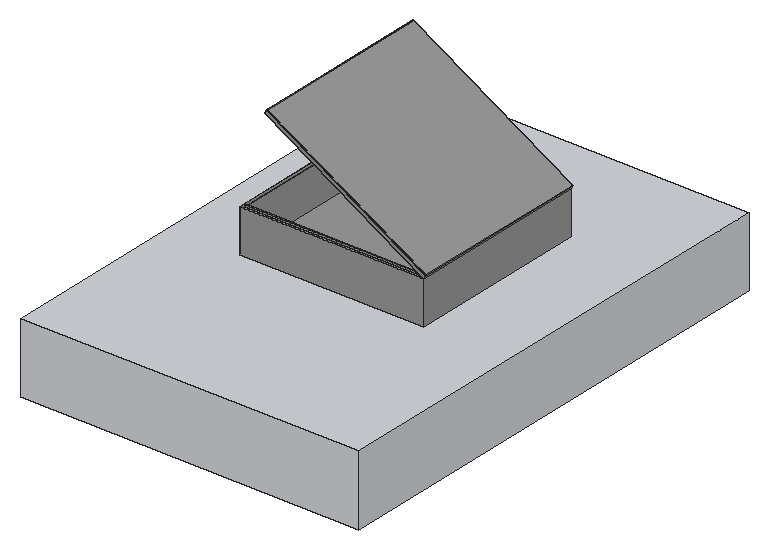
Revit family "Hager-Univers-IP44-D205-H800-Cl.II-Encl-CH-fr", category Equipement électrique, Revit 2020
Family settings
  Hôte = Face
  Configuration du panneau = Deux colonnes, circuits au sein
  Cote de connecteur circulaire = Utiliser le diamètre
  Type d'élément = Tableau de raccordement
  Couper avec des vides une fois chargée = Non
  Partagée = Non
  Point de calcul de pièce = Non
Parameters (values of type "saillie IP44 L800 H800 P205  - FP53QS")
  Width Control [instance] = if([EF000008 - largeur] > Min Width, [EF000008 - largeur], Min Width)  # 800 mm
  Commentaires du type = [HG000003 - Gamme]  # "Univers"
  Thickness Door [instance] = if([EF009171 - épaisseur de matériau de la porte/du couvercle] > 3 mm, 3 mm, [EF009171 - épaisseur de matériau de la porte/du couvercle])  # 1 mm
  Seal Frame Offset [instance] = 17 mm  # constant formula
  Plinth Visibility [instance] = [HG000027 - Hauteur du socle] > 0 mm  # no
  Model = ""
  Min Width [instance] = 100 mm  # constant formula
  Min Height [instance] = 100 mm  # constant formula
  Min Depth [instance] = (2 * [EF009170 - épaisseur de matériau du boîtier]) + 1 mm  # 3 mm
  Internal Frame Depth [instance] = (Door System Depth * 0.5)  # 9 mm
  Height Control [instance] = if([EF000040 - hauteur] > Min Height, [EF000040 - hauteur], Min Height)  # 800 mm
  HG000027 - Hauteur du socle = 0 mm
  HG000026 - Installation au sol = no
  HG000024 - Hauteur de la section basse = 800 mm
  HG000023 - Armoire double section = no
  HG000016 - Visibilité de la porte 3D [instance] = yes
  HG000015 - Visibilité de l'emprise de la porte [instance] = no
  HG000014 - Porte à droite [instance] = yes
  HG000013 - Porte à gauche [instance] = not([HG000014 - Porte à droite])  # no
  HG000012 - Angle de pivotement de la porte [instance] = 30.00°
  HG000010 - Portes asymétriques = no
  HG000009 - Porte à double battant = no
  HG000006 - Encastré = no
  HG000004 - Référence fabricant = "FP53QS"
  HG000003 - Gamme = "Univers"
  HG000002 - avec porte = yes
  Frame Offset Bottom [instance] = 10 mm  # constant formula
  Frame Offset [instance] = 15 mm  # constant formula
  EF015940 - couvercle avec décharge de pression = no
  EF011959 - degré de protection (NEMA) = ""
  EF009554 - nombre d'ouvertures pour plaques à bride = 6
  Fabricant = "Hager"  # constant formula
  EF009212 - finition du couvercle = "EV000116 - fermé"
  EF009171 - épaisseur de matériau de la porte/du couvercle = 1 mm
  EF009170 - épaisseur de matériau du boîtier = 1 mm
  EF008873 - courant nominal (In) = 250 A
  EF007800 - adapté à un parafoudre = no
  EF006306 - avec serrure = no
  EF006244 - couvercle/porte transparent(e) = no
  EF005474 - indice de protection (IP) = "EV006418 - IP44"
  EF004464 - type de porte = "EV002646 - unique"
  EF004427 - nombre de modules = 180
  EF004293 - indice de protection contre les chocs (IK) = "EV006815 - IK09"
  EF003532 - convient pour utilisation à l’extérieur = no
  EF002950 - largeur en nombre de modules = 36
  EF001613 - maintien de fonction = "EV000494 - sans"
  EF001596 - matériau du boîtier/corps = "EV000179 - acier"
  EF001131 - profondeur intérieure = 143 mm
  EF001088 - possibilité de montage en saillie = yes
  EF000437 - nombre d'entrées de conduit = 6
  EF000339 - type de capot = "EV001012 - couvercle"
  EF000266 - nombre de rangées = 5
  EF000218 - profondeur d'encastrement = 0 mm
  EF000118 - avec cadre/support de montage = no
  EF000116 - numéro RAL = "9010"
  EF000049 - profondeur = 205 mm
  EF000040 - hauteur = 800 mm
  EF000008 - largeur = 800 mm
  EF000007 - couleur = "EV000202 - blanc"
  EF000003 - mode de pose = "EV000384 - saillie"
  Door System Leaf Tolerance [instance] = 1.5 mm  # constant formula
  Door System Depth [instance] = 18 mm  # constant formula
  Door Height [instance] = Height Control - [HG000027 - Hauteur du socle]  # 800 mm
  Depth Control [instance] = if([EF000049 - profondeur] > Min Depth, [EF000049 - profondeur], Min Depth)  # 205 mm
  Default Elevation = 0 mm
  Connector Offset [instance] = Height Control / 2  # 400 mm
  Bottom Top Plate Trim [instance] = 1.5 mm  # constant formula
  Plinth height Ctrl [instance] = if([HG000027 - Hauteur du socle] > 0 mm, [HG000027 - Hauteur du socle], 12 mm)  # 12 mm
Types (5, lengths in mm): name | Width Control | HG000009 - Porte à double battant | HG000004 - Référence fabricant | EF009554 - nombre d'ouvertures pour plaques à bride | EF004464 - type de porte | EF004427 - nombre de modules | EF002950 - largeur en nombre de modules | EF000437 - nombre d'entrées de conduit | EF000008 - largeur
  saillie IP44 L1050 H800 P205  - FP54QS | 1050 | no | "FP54QS" | 8 | "EV003602 - double" | 240 | 48 | 8 | 1050
  saillie IP44 L1300 H800 P205  - FP55QS | 1300 | yes | "FP55QS" | 10 | "EV003602 - double" | 300 | 60 | 10 | 1300
  saillie IP44 L300 H800 P205  - FP51QS | 300 | no | "FP51QS" | 2 | "EV002646 - unique" | 60 | 12 | 2 | 300
  saillie IP44 L550 H800 P205  - FP52QS | 550 | no | "FP52QS" | 4 | "EV002646 - unique" | 120 | 24 | 4 | 550
  saillie IP44 L800 H800 P205  - FP53QS | 800 | no | "FP53QS" | 6 | "EV002646 - unique" | 180 | 36 | 6 | 800
Reference planes
  plane 1 "Center (Front/Back)": y = 0
  plane 2: z = 0
  plane 3 "Center (Left/Right)": x = 0
  plane 4: z = 205
  plane 5: y = 1
  plane 6: y = 400
  plane 7: y = 0
  plane 8: y = 800
  plane 9: z = 0
  plane 10: x = -385
  plane 11: x = 385
  plane 12: x = 384
  plane 13: x = -384
  plane 14: y = 799
  plane 15: x = -383
  plane 16: x = -400
  plane 17: x = 383
  plane 18: x = 400
  plane 19: x = 399
  plane 20: x = -399
  plane 21: y = 11
  plane 22: y = 800
  plane 23: y = 784
  plane 24: z = 187
  plane 25: z = 1
  plane 26: z = 186
  plane 27: z = 204
Forms (mm)
  Extrusion 1, solid
    sketch origin (0, 0, 0) x (1, 0, 0) y (0, 1, 0)
      loop
        line (-702.964, 1305) -> (-702.964, -811.445) -> (766.763, -811.445) -> (766.763, 1305) -> (-702.964, 1305)
    from 0 to -304.8
  Extrusion 2, solid, material "Hager_Steel_RAL7035_Light_Grey", visible <- "Plinth Visibility", detail levels medium+fine
    sketch origin (0, 0, 0) x (1, 0, 0) y (0, 1, 0)
      loop
        line (-400, 0) -> (400, 0) -> (400, 12) -> (-400, 12) -> (-400, 0)
    from 0 to 187
  Extrusion 3, solid, material "Hager_Steel_RAL7035_Light_Grey", detail levels medium+fine
    sketch origin (0, 0, 0) x (1, 0, 0) y (0, 1, 0)
      loop
        line (-400, 0) -> (400, 0) -> (400, 800) -> (-400, 800) -> (-400, 0)
    from 0 to 187
  Extrusion 4, void
    sketch origin (0, 0, 0) x (1, 0, 0) y (0, 1, 0)
      loop
        line (-399, 1) -> (399, 1) -> (399, 799) -> (-399, 799) -> (-399, 1)
    from 1 to 186
  Extrusion 5, void
    sketch origin (-381.607, -4572, 187) x (0, -1, 0) y (-1, 0, 0)
      loop
        line (-4583, 2.393) -> (-5356, 2.393) -> (-5356, -765.607) -> (-4583, -765.607) -> (-4583, 2.393)
    from 0 to 1 <- "EF009170 - épaisseur de matériau du boîtier"
  Extrusion 6, solid, material "Hager_Steel_RAL7035_Light_Grey", detail levels fine
    sketch origin (0, 0, 187) x (1, 0, 0) y (0, 1, 0)
      loop
        line (-384, 784) -> (-384, 11) -> (384, 11) -> (384, 784) -> (-384, 784)
      loop
        line (-385, 10) -> (385, 10) -> (385, 785) -> (-385, 785) -> (-385, 10)
    from 0 to 9 <- "Internal Frame Depth"
  Extrusion 7, solid, material "Hager_Steel_RAL7035_Light_Grey", detail levels coarse
    sketch origin (0, 0, 0) x (1, 0, 0) y (0, 1, 0)
      loop
        line (-400, 0) -> (400, 0) -> (400, 800) -> (-400, 800) -> (-400, 0)
    from 0 to 205
  Sweep 8, void
    path in 3D
      loop
        line (-400, 12, 0) -> (400, 12, 0) -> (400, 12, 187) -> (-400, 12, 187) -> (-400, 12, 0)
    profile origin (-400, 12, 93.5) x (-1, 0, 0) y (0, -1, 0)
      loop
        line (0, 0) -> (0, 1.5) -> (-1.5, 1.5)
        arc (-1.5, 1.5) -> (-1.061, 0.439) -> (0, 0) r 1.5
Cuts and joins
  Extrusion 4, Extrusion 5 cuts Extrusion 3
  Sweep 8 cuts Extrusion 2
Lines and regions (mm)
  Masking region 1
    outline origin (0, 0, 0) x (1, 0, 0) y (0, 0, 1)
      loop
        line (-400, 205) -> (-400, 0) -> (400, 0) -> (400, 205) -> (-400, 205)
  Masking region 2, detail levels medium+fine
    outline origin (0, 140, 0) x (0, 1, 0) y (0, 0, 1)
      loop
        line (-140, 0) -> (660, 0) -> (660, 187) -> (-140, 187) -> (-140, 0)
  Masking region 3, not visible, detail levels medium+fine
    outline origin (0, 297.922, 0) x (0, 1, 0) y (0, 0, 1)
      loop
        line (113.578, 0) -> (153.578, 0) -> (153.578, 194)
        arc (153.578, 194) -> (150.649, 201.071) -> (143.578, 204) r 10
        line (143.578, 204) -> (113.578, 204) -> (113.578, 0)
  Masking region 4, detail levels coarse
    outline origin (0, 0, 180) x (0, 1, 0) y (0, 0, 1)
      loop
        line (0, -180) -> (800, -180) -> (800, 25) -> (0, 25) -> (0, -180)
  Masking region 5, visible <- "Plinth Visibility", detail levels medium+fine
    outline origin (0, 52.24, 12.345) x (0, 0, -1) y (0, 1, 0)
      loop
        line (10.845, -40.24) -> (-173.155, -40.24)
        arc (-173.155, -40.24) -> (-173.594, -41.301) -> (-174.655, -41.74) r 1.5
        line (-174.655, -41.74) -> (-174.655, -52.24) -> (12.345, -52.24) -> (12.345, -41.74)
        arc (12.345, -41.74) -> (11.285, -41.301) -> (10.845, -40.24) r 1.5
  Masking region 6, detail levels medium+fine
    outline origin (-381.607, -4572, 187) x (-1, 0, 0) y (0, -1, 0)
      loop
        line (18.393, -5372) -> (18.393, -4572) -> (-781.607, -4572) -> (-781.607, -5372) -> (18.393, -5372)
  Masking region 7, visible <- "Plinth Visibility", detail levels medium+fine
    outline origin (-381.607, -4727, 187) x (-1, 0, 0) y (0, -1, 0)
      loop
        arc (16.893, -4739) -> (17.332, -4737.939) -> (18.393, -4737.5) r 1.5
        line (18.393, -4737.5) -> (18.393, -4727) -> (-781.607, -4727) -> (-781.607, -4737.5)
        arc (-781.607, -4737.5) -> (-780.546, -4737.939) -> (-780.107, -4739) r 1.5
        line (-780.107, -4739) -> (16.893, -4739)
  Masking region 8, detail levels coarse
    outline origin (-442.548, -4669.526, 187) x (-1, 0, 0) y (0, -1, 0)
      loop
        line (-42.548, -5469.526) -> (-42.548, -4669.526) -> (-842.548, -4669.526) -> (-842.548, -5469.526) -> (-42.548, -5469.526)
  sketch lines
    curve 1: line (-400, 12, 187) -> (-400, 12, 0)
    curve 2: line (400, 12, 187) -> (-400, 12, 187)
    curve 3: line (400, 12, 187) -> (400, 12, 0)
    curve 4: line (-400, 12, 0) -> (400, 12, 0)
Dimensions and locks
  "Depth Control": plane 4 to Extrusion 1
  "HG000027 - Hauteur du socle": plane 1 "Center (Front/Back)" to plane 7
  "EF009170 - épaisseur de matériau du boîtier": plane 5 to plane 7
  locked: connector elem to plane 3 "Center (Left/Right)"
  equal spacing: plane 8, plane 6, plane 7
  locked: connector elem to plane 6
  "EF009170 - épaisseur de matériau du boîtier": plane 8 to plane 14
  "EF009170 - épaisseur de matériau du boîtier": plane 10 to plane 13
  "EF009170 - épaisseur de matériau du boîtier": plane 12 to plane 11
  "Frame Offset": plane 20 to plane 13
  "Frame Offset": plane 12 to plane 19
  "EF009170 - épaisseur de matériau du boîtier": plane 16 to plane 20
  "EF009170 - épaisseur de matériau du boîtier": plane 19 to plane 18
  "Seal Frame Offset": plane 16 to plane 15
  "Seal Frame Offset": plane 17 to plane 18
  "Frame Offset Bottom": plane 21 to plane 5
  "Frame Offset": plane 14 to plane 23
  equal spacing: plane 16, plane 3 "Center (Left/Right)", plane 18
  "Width Control": plane 16 to plane 18
  "EF009170 - épaisseur de matériau du boîtier": plane 4 to plane 27
  "EF009170 - épaisseur de matériau du boîtier": plane 24 to plane 26
  "EF009170 - épaisseur de matériau du boîtier": plane 25 to level
  "Door System Depth": plane 4 to plane 24
  "Height Control": plane 1 "Center (Front/Back)" to Extrusion 7 sketch curve
  "Height Control": Masking region 4 sketch curve to plane 1 "Center (Front/Back)"
  "Height Control": plane 1 "Center (Front/Back)" to plane 22
  "Bottom Top Plate Trim": profile plane to Sweep 8 sketch curve
  "Bottom Top Plate Trim": Sweep 8 sketch curve to profile plane
  "Plinth height Ctrl": plane 1 "Center (Front/Back)" to Extrusion 2 sketch curve
  "Plinth height Ctrl": Masking region 5 sketch curve to plane 1 "Center (Front/Back)"
  "Plinth height Ctrl": plane 1 "Center (Front/Back)" to Masking region 7 sketch curve
  "Thickness Door": Extrusion 6 sketch curve to Extrusion 6 sketch curve  (x3)
  "Thickness Door": cut or joined group of Extrusion 3, Extrusion 4, Extrusion 5 to Extrusion 6 sketch curve
  radius of Masking region 3 sketch curve = 10 mm
  "Bottom Top Plate Trim": radius of Masking region 5 sketch curve  (x2)
  "Bottom Top Plate Trim": radius of Sweep 8 sketch curve
  "Bottom Top Plate Trim": radius of Masking region 7 sketch curve  (x2)
  aligned and locked: plane 2 to Extrusion 1
  aligned and locked: level to Extrusion 1
  aligned and locked: level to Masking region 1 sketch curve
  aligned and locked: Masking region 1 sketch curve to plane 18
  aligned and locked: Masking region 1 sketch curve to plane 16
  aligned and locked: plane 7 to Masking region 2 sketch curve
  aligned and locked: level to Masking region 3 sketch curve
  aligned and locked: Masking region 3 sketch curve to plane 27
  aligned and locked: level to Masking region 2 sketch curve
  aligned and locked: plane 1 "Center (Front/Back)" to Extrusion 2 sketch curve
  aligned and locked: Extrusion 3 sketch curve to plane 7
  aligned and locked: plane 16 to Extrusion 3 sketch curve
  aligned and locked: plane 18 to Extrusion 3 sketch curve
  aligned and locked: plane 20 to Extrusion 4 sketch curve
  aligned and locked: plane 19 to Extrusion 4 sketch curve
  aligned and locked: Extrusion 4 sketch curve to plane 5
  aligned and locked: Extrusion 4 to plane 25
  aligned and locked: plane 26 to Extrusion 4
  aligned and locked: plane 24 to Extrusion 3
  aligned and locked: Extrusion 5 sketch curve to plane 21
  aligned and locked: Extrusion 5 sketch curve to plane 13
  aligned and locked: Extrusion 5 sketch curve to plane 12
  aligned and locked: plane 18 to Extrusion 7 sketch curve
  aligned and locked: plane 1 "Center (Front/Back)" to Extrusion 7 sketch curve
  aligned and locked: plane 16 to Extrusion 7 sketch curve
  aligned and locked: plane 4 to Extrusion 7
  aligned and locked: Extrusion 7 to level
  aligned and locked: level to Masking region 4 sketch curve
  aligned and locked: Masking region 4 sketch curve to plane 1 "Center (Front/Back)"
  aligned and locked: Masking region 4 sketch curve to plane 4
  aligned and locked: nested 1 to level
  aligned and locked: nested 1 to plane 16
  aligned and locked: plane 8 to Extrusion 3 sketch curve
  aligned and locked: plane 23 to Extrusion 5 sketch curve
  aligned and locked: plane 14 to Extrusion 4 sketch curve
  aligned and locked: Masking region 2 sketch curve to plane 8
  aligned and locked: level to Masking region 5 sketch curve
  aligned and locked: plane 16 to Extrusion 2 sketch curve
  aligned and locked: plane 18 to Extrusion 2 sketch curve
  aligned and locked: Masking region 5 sketch curve to plane 24
  aligned and locked: Masking region 2 sketch curve to plane 24
  aligned and locked: plane 24 to Extrusion 2
  aligned and locked: profile plane to Sweep 8 sketch curve  (x2)
  aligned and locked: Masking region 6 sketch curve to plane 18
  aligned and locked: Masking region 6 sketch curve to plane 22
  aligned and locked: Masking region 6 sketch curve to plane 16
  aligned and locked: plane 8 to plane 22
  aligned and locked: Masking region 6 sketch curve to plane 7
  aligned and locked: Masking region 7 sketch curve to plane 16
  aligned and locked: Masking region 7 sketch curve to plane 1 "Center (Front/Back)"
  aligned and locked: Masking region 7 sketch curve to plane 18
  aligned and locked: Masking region 8 sketch curve to plane 1 "Center (Front/Back)"
  aligned and locked: Masking region 8 sketch curve to plane 18
  aligned and locked: Masking region 8 sketch curve to plane 22
  aligned and locked: Masking region 8 sketch curve to plane 16
  aligned and locked: nested 2 to plane 7
  aligned and locked: plane 3 "Center (Left/Right)" to nested 2
  aligned and locked: nested 2 to plane 24
  aligned and locked: Extrusion 6 sketch curve to cut or joined group of Extrusion 3, Extrusion 4, Extrusion 5  (x4)
Automatic sketch dimensions
  Extrusion 1 sketch curve to Extrusion 1 sketch curve = 1469.727 mm
  Extrusion 1 sketch curve to Extrusion 1 sketch curve = 2116.445 mm
  Masking region 1 sketch curve to plane 4 = 0 mm
  plane 6 to Masking region 3 sketch curve = 11.5 mm
  Masking region 3 sketch curve to Masking region 3 sketch curve = 30 mm
  Masking region 5 sketch curve to plane 1 "Center (Front/Back)" = 0 mm
Nested families
  nested 1: "Hager_Enclosure_Symbol" at (-400, 0, 0) x (1, 0, 0) z (0, -1, 0), Height <- "Depth Control", Width <- "Width Control", type "Hager_Enclosure_Symbol"
    with Width_Ctrl 800 mm, Width 800 mm, Height_Ctrl 205 mm, Height 205 mm, A_Width_Int 13.453 mm, A_Width 161.438 mm, A_Height_Ctrl 179.375 mm, A_Height 179.375 mm
  nested 2: "EC000058_Univers_Door" at (0, 0, 187) x (1, 0, 0) z (0, 1, 0), Leaf_Tolerance <- "Door System Leaf Tolerance", Angle <- "HG000012 - Angle de pivotement de la porte", Door_Depth <- "Door System Depth", Door_Left <- "HG000013 - Porte à gauche", Transparent <- "EF006244 - couvercle/porte transparent(e)", Assymetrical <- "HG000010 - Portes asymétriques", Width <- "Width Control", Clearance <- "HG000015 - Visibilité de l'emprise de la porte", Double <- "HG000009 - Porte à double battant", 3d_Door <- "HG000016 - Visibilité de la porte 3D", Lock_Visibility <- "EF006306 - avec serrure", Width_Ctrl <- "Width Control", Door_Right <- "HG000014 - Porte à droite", Door <- "HG000002 - avec porte", Height <- "Door Height", Thickness <- "Thickness Door", type "EC000058_Univers_Door", detail levels medium+fine
    with min_wh 3 mm, Width_Ctrl 800 mm, Width 800 mm, Transparent no, Thickness 1 mm, Seal_Material Hager_Rubber, Lock_Visibility no, Lock_Material Hager_Plastic_RAL9005_Jet_Black, Leaf_Width 800 mm, Leaf_Tolerance_External_Sides 0 mm, Leaf_Tolerance 1.5 mm, Leaf_Offset 0 mm, Leaf_Height 797 mm, Leaf_2_Width 800 mm, Leaf_2_Offset 400 mm, Leaf_1_Width 800 mm, Leaf_1_Offset 400 mm, Height_Ctrl 800 mm, Height 800 mm, Glass_Material Hager_Glass, Double_Clearance_Ctrl no, Double no, Door_Right_Ctrl yes, Door_Right yes, Door_Material Hager_Steel_RAL7035_Light_Grey, Door_Left_Ctrl no, Door_Left no, Door_Depth 18 mm, Door yes, Clearance_Material Hager_Clearance, Clearance_Depth 800 mm, Clearance_Ctrl no, Clearance no, Assymetrical no, Angle 30.00°, 3d_Door yes
Connectors
  electrical at (0, 400, 0)
    settings: on plane 9, index 1, voltage 0 V, apparent load 0 VA, apparent load phase1 0 VA, apparent load phase2 0 VA, apparent load phase3 0 VA, power factor 1, load classification "Other", number of poles 1, system type 30, power factor state 1, is connector primary yes, connector utility no, sub classification motor no, connector description ""
Definition of nested family "EC000058_Univers_Door"
  Parameters (values of type "EC000058_Univers_Door")
    min_wh [instance] = (2 * Thickness) + 1 mm  # 11 mm
    Width_Ctrl [instance] = 400 mm
    Width [instance] = 500 mm
    Transparent [instance] = yes
    Thickness [instance] = 5 mm
    Seal_Material [instance] = none
    Lock_Visibility [instance] = yes
    Lock_Material [instance] = none
    Leaf_Width [instance] = if((Width_Ctrl - 2 * Leaf_Tolerance_External_Sides) > 0 mm, (Width_Ctrl - 2 * Leaf_Tolerance_External_Sides), min_wh)  # 400 mm
    Leaf_Tolerance_External_Sides [instance] = 0 mm  # constant formula
    Leaf_Tolerance [instance] = 1.5 mm
    Leaf_Offset [instance] = 0 mm  # constant formula
    Leaf_Height [instance] = if((Height_Ctrl - 2 * Leaf_Tolerance) > 0 mm, (Height_Ctrl - 2 * Leaf_Tolerance), min_wh)  # 497 mm
    Leaf_2_Width [instance] = if(and(and(Double, Assymetrical), Door_Left), (Leaf_Width / 3) - (Leaf_Tolerance / 2), if(and(and(Double, Assymetrical), Door_Right), (Leaf_Width / 3) * 2 - (Leaf_Tolerance / 2), if(and(Double, not(Assymetrical)), (Leaf_Width / 2) - Leaf_Tolerance, Leaf_Width)))  # 400 mm
    Leaf_2_Offset [instance] = if(and(Double, Assymetrical), Leaf_2_Width / 2, if(and(Double, not(Assymetrical)), Leaf_Width / 4, Leaf_Width / 2))  # 200 mm
    Leaf_1_Width [instance] = if(and(and(Double, Assymetrical), Door_Right), (Leaf_Width / 3) - (Leaf_Tolerance / 2), if(and(and(Double, Assymetrical), Door_Left), (Width / 3) * 2 - (Leaf_Tolerance / 2), if(and(Double, not(Assymetrical)), (Leaf_Width / 2) - Leaf_Tolerance, Leaf_Width)))  # 400 mm
    Leaf_1_Offset [instance] = if(and(Double, Assymetrical), Leaf_1_Width / 2, if(and(Double, not(Assymetrical)), Leaf_Width / 4, Leaf_Width / 2))  # 200 mm
    Height_Ctrl [instance] = if(Height > min_wh, Height, min_wh)  # 500 mm
    Height [instance] = 500 mm
    Glass_Material [instance] = none
    Double_Clearance_Ctrl [instance] = and(Double, Clearance)  # no
    Double [instance] = no
    Door_Right_Ctrl [instance] = and(or(Door_Right, Double), Door)  # yes
    Door_Right [instance] = yes
    Door_Material [instance] = none
    Door_Left_Ctrl [instance] = and(or(Door_Left, Double), Door)  # no
    Door_Left [instance] = no
    Door_Depth [instance] = 30 mm
    Door [instance] = yes
    Default Elevation = 1219.2 mm
    Clearance_Material [instance] = none
    Clearance_Depth [instance] = if(Leaf_1_Width > Leaf_2_Width, Leaf_1_Width, Leaf_2_Width)  # 400 mm
    Clearance_Ctrl [instance] = and(not(Double), Clearance)  # yes
    Clearance [instance] = yes
    Assymetrical [instance] = yes
    Angle [instance] = 30.00°
    3d_Door [instance] = yes
  Reference planes
    plane 1 "Center (Front/Back)": y = 0
    plane 2 "Bottom": z = 0
    plane 3 "Center (Left/Right)": x = 0
    plane 4: z = 500
    plane 5: x = -200
    plane 6: x = 200
    plane 7: z = 500
    plane 8: x = -200
    plane 9: z = 0
    plane 10: x = 200
    plane 11: y = 0
    plane 12: z = 1.5
    plane 13: x = -600
    plane 14: y = -400
    plane 15: x = 600
    plane 16: x = 0
    plane 17: x = 0
    plane 18: x = -200
    plane 19: x = 200
    plane 20: z = 498.5
  Forms (mm)
    Extrusion 1, solid, material <- "Clearance_Material", visible <- "Double_Clearance_Ctrl"
      sketch origin (1200, 0, 0) x (1, 0, 0) y (0, 0, -1)
        loop
          line (-1800, -498.5) -> (-600, -498.5) -> (-600, 0) -> (-1800, 0) -> (-1800, -498.5)
      from 0 to -400
  Dimensions and locks
    equal spacing: plane 5, plane 3 "Center (Left/Right)", plane 6
    "Width_Ctrl": plane 5 to plane 6
    "Leaf_Offset": plane 5 to plane 8
    "Leaf_Offset": plane 6 to plane 10
    "Leaf_Offset": plane 9 to level
    "Leaf_Offset": plane 4 to plane 7
    "Height_Ctrl": plane 4 to level
    "Leaf_Tolerance": plane 12 to plane 9
    locked: plane 11 to plane 1 "Center (Front/Back)"
    "Leaf_1_Offset": plane 18 to plane 16
    "Leaf_2_Offset": plane 17 to plane 19
    "Leaf_1_Width": plane 13 to plane 8
    "Leaf_2_Width": plane 10 to plane 15
    "Clearance_Depth": plane 14 to plane 1 "Center (Front/Back)"
    "Leaf_Tolerance_External_Sides": plane 8 to plane 18
    "Leaf_Tolerance_External_Sides": plane 19 to plane 10
    "Leaf_Tolerance": plane 7 to plane 20
    aligned and locked: level to plane 2 "Bottom"
    aligned and locked: nested 1 to plane 16
    aligned and locked: nested 2 to plane 17
    aligned and locked: Extrusion 1 to plane 13
    aligned and locked: plane 15 to Extrusion 1
    aligned and locked: Extrusion 1 to plane 14
    aligned and locked: plane 12 to nested 1
    aligned and locked: nested 2 to plane 12
    aligned and locked: Extrusion 1 to plane 11
    aligned and locked: plane 20 to Extrusion 1
    aligned and locked: nested 2 to plane 11
    aligned and locked: nested 1 to plane 11
  Automatic sketch dimensions
    Extrusion 1 sketch curve to level = 0 mm
    plane 5 to Extrusion 1 sketch curve = 400 mm
    plane 6 to Extrusion 1 sketch curve = 400 mm
    Extrusion 1 sketch curve to plane 4 = 1.5 mm
  Nested families
    nested 1: "EC000058_Univers_Door_Leaf" at (0, 0, 1.5), Width <- "Leaf_1_Width", visible <- "Door_Left_Ctrl", Leaf_Height <- "Leaf_Height", Angle <- "Angle", 3d_Door <- "3d_Door", Transparent <- "Transparent", Clearance Material <- "Clearance_Material", Clearance <- "Clearance_Ctrl", Door_Material <- "Door_Material", Glass_Material <- "Glass_Material", Door_Depth <- "Door_Depth", Lock_Material <- "Lock_Material", Seal_Material <- "Seal_Material", Lock_Visibility <- "Lock_Visibility", Thickness <- "Thickness", type "EC000058_Univers_Door_Leaf"
      with Width 400 mm, Transparent_Glass_Offset 30 mm, Transparent_Ctrl yes, Transparent yes, Thickness 5 mm, Standard no, Seal_Material none, Seal_D2 8 mm, Seal_D1 1 mm, Offset_Internal_Frame 10 mm, Lock_Width 20 mm, Lock_Visibility_3d yes, Lock_Visibility yes, Lock_Thickness_3 3 mm, Lock_Thickness_2 1 mm, Lock_Thickness_1 3 mm, Lock_Radius_Offset_2 16 mm, Lock_Radius_Offset_1 15 mm, Lock_Radius_2 5 mm, Lock_Radius 6 mm, Lock_Offset 5 mm, Lock_Material none, Lock_Height 80 mm, Lock_Cover_Top_Offset_2d 17 mm, Lock_Cover_Height -65 mm, Leaf_Height 497 mm, Internal_Seal_Thickness 8 mm, Internal_Seal_Depth_2 4.5 mm, Internal_Frame_Depth 25 mm, Glass_Thickness -1 mm, Glass_Offset -2 mm, Glass_Material none, Door_Material none, Door_Depth 30 mm, Clearance Material none, Clearance yes, Angle_Ctrl 30.00°, Angle 30.00°, 3d_Door yes
    nested 2: "EC000058_Univers_Door_Leaf" at (0, 0, 1.5) x (-1, 0, 0) z (0, 0, 1), Width <- "Leaf_2_Width", visible <- "Door_Right_Ctrl", Leaf_Height <- "Leaf_Height", Angle <- "Angle", 3d_Door <- "3d_Door", Transparent <- "Transparent", Clearance Material <- "Clearance_Material", Clearance <- "Clearance_Ctrl", Door_Material <- "Door_Material", Glass_Material <- "Glass_Material", Door_Depth <- "Door_Depth", Lock_Material <- "Lock_Material", Seal_Material <- "Seal_Material", Lock_Visibility <- "Lock_Visibility", Thickness <- "Thickness", type "EC000058_Univers_Door_Leaf"
      with Width 400 mm, Transparent_Glass_Offset 30 mm, Transparent_Ctrl yes, Transparent yes, Thickness 5 mm, Standard no, Seal_Material none, Seal_D2 8 mm, Seal_D1 1 mm, Offset_Internal_Frame 10 mm, Lock_Width 20 mm, Lock_Visibility_3d yes, Lock_Visibility yes, Lock_Thickness_3 3 mm, Lock_Thickness_2 1 mm, Lock_Thickness_1 3 mm, Lock_Radius_Offset_2 16 mm, Lock_Radius_Offset_1 15 mm, Lock_Radius_2 5 mm, Lock_Radius 6 mm, Lock_Offset 5 mm, Lock_Material none, Lock_Height 80 mm, Lock_Cover_Top_Offset_2d 17 mm, Lock_Cover_Height -65 mm, Leaf_Height 497 mm, Internal_Seal_Thickness 8 mm, Internal_Seal_Depth_2 4.5 mm, Internal_Frame_Depth 25 mm, Glass_Thickness -1 mm, Glass_Offset -2 mm, Glass_Material none, Door_Material none, Door_Depth 30 mm, Clearance Material none, Clearance yes, Angle_Ctrl 30.00°, Angle 30.00°, 3d_Door yes
  Definition of nested family "EC000058_Univers_Door_Leaf"
    Parameters (values of type "EC000058_Univers_Door_Leaf")
      Width [instance] = 2000 mm
      Transparent_Glass_Offset [instance] = 30 mm
      Transparent_Ctrl [instance] = and(Transparent, [3d_Door])  # yes
      Transparent [instance] = yes
      Thickness [instance] = 5 mm
      Standard [instance] = and(not(Transparent), [3d_Door])  # no
      Seal_Material [instance] = none
      Seal_D2 [instance] = 8 mm  # constant formula
      Seal_D1 [instance] = 1 mm  # constant formula
      Offset_Internal_Frame [instance] = 10 mm  # constant formula
      Lock_Width [instance] = 20 mm  # constant formula
      Lock_Visibility_3d [instance] = and(Lock_Visibility, [3d_Door])  # yes
      Lock_Visibility [instance] = yes
      Lock_Thickness_3 [instance] = 3 mm  # constant formula
      Lock_Thickness_2 [instance] = 1 mm  # constant formula
      Lock_Thickness_1 [instance] = 3 mm  # constant formula
      Lock_Radius_Offset_2 [instance] = Lock_Radius_Offset_1 + 1 mm  # 16 mm
      Lock_Radius_Offset_1 [instance] = 15 mm  # constant formula
      Lock_Radius_2 [instance] = Lock_Radius - 1 mm  # 5 mm
      Lock_Radius [instance] = 6 mm  # constant formula
      Lock_Offset [instance] = 5 mm  # constant formula
      Lock_Material [instance] = none
      Lock_Height [instance] = 80 mm  # constant formula
      Lock_Cover_Top_Offset_2d [instance] = Lock_Radius_Offset_2 + 1 mm  # 17 mm
      Lock_Cover_Height [instance] = -(Lock_Height - Lock_Radius_Offset_1)  # -65 mm
      Leaf_Height [instance] = 2720.336 mm
      Internal_Seal_Thickness [instance] = 8 mm  # constant formula
      Internal_Seal_Depth_2 [instance] = 4.5 mm  # constant formula
      Internal_Frame_Depth [instance] = if(Door_Depth - Thickness > 5 mm, Door_Depth - Thickness, 5 mm)  # 25 mm
      Glass_Thickness [instance] = if(Thickness > 15 mm, Glass_Offset + 10 mm, -1 mm)  # -1 mm
      Glass_Offset [instance] = if(Thickness > 15 mm, -(Thickness + 10 mm) / 2, -2 mm)  # -2 mm
      Glass_Material [instance] = none
      Door_Material [instance] = none
      Door_Depth [instance] = 30 mm
      Default Elevation = 0 mm
      Clearance Material [instance] = none
      Clearance [instance] = yes
      Angle_Ctrl [instance] = if(Angle > 180.00°, 180.00°, Angle)  # 90.00°
      Angle [instance] = 90.00°
      3d_Door [instance] = yes
    Reference planes
      plane 1 "Center (Front/Back)": y = 0
      plane 2: z = 0
      plane 3 "Center (Left/Right)": x = 0
      plane 4: y = 2000
      plane 5: x = -1000
      plane 6: x = 1000
      plane 7: x = -3000
      plane 8: z = 2720.336
      plane 9: z = 30
      plane 10: z = 2690.336
      plane 11: x = 970
      plane 12: x = -970
      plane 13: y = -3
      plane 14: z = 107.833
      plane 15: y = -5
      plane 16: y = -223.314
      plane 17: x = -1000
      plane 18: z = 1360.168
      plane 19: y = 30
    Forms (mm)
      Extrusion 1, solid, material <- "Clearance Material", visible <- "Clearance"
        sketch origin (0, 0, 0) x (1, 0, 0) y (0, 0, 1)
          loop
            line (-3000, 2720.336) -> (-3000, 0) -> (1000, 0) -> (1000, 2720.336) -> (-3000, 2720.336)
        from 0 to -2000
      Extrusion 2, solid, material <- "Door_Material", visible <- "Standard", detail levels medium+fine
        sketch origin (-1000, 0, 0) x (0, 1, 0) y (-1, 0, 0)
          loop
            line (0, 30) -> (0, 25) -> (2000, 25) -> (2000, 30) -> (0, 30)
        from 0 to 2720.336 <- "Leaf_Height"
      Extrusion 3, solid, material <- "Door_Material", visible <- "Transparent_Ctrl", detail levels medium+fine
        sketch origin (-1000, 0, 0) x (0, 1, 0) y (-1, 0, 0)
          loop
            line (0, 25) -> (2000, 25) -> (2000, 30) -> (0, 30) -> (0, 25)
        from 0 to 2720.336 <- "Leaf_Height"
      Extrusion 4, void
        sketch origin (-1025, 2000, 0) x (0, 1, 0) y (0, 0, -1)
          loop
            line (-30, -2690.336) -> (-30, -30) -> (-1970, -30) -> (-1970, -2690.336) -> (-30, -2690.336)
        from 0 to 5 <- "Thickness"
      Sweep 5, solid, material <- "Seal_Material", visible <- "Transparent_Ctrl", detail levels fine
        path in 3D
          loop
            line (-1025, 30, 30) -> (-1025, 30, 2690.336) -> (-1025, 1970, 2690.336) -> (-1025, 1970, 30) -> (-1025, 30, 30)
        profile origin (-1025, 1000, 30) x (1, 0, 0) y (0, 0, 1)
          loop
            line (0, 0) -> (0, -8) -> (1, -8) -> (1, 0) -> (0, 0)
      Extrusion 6, solid, material <- "Glass_Material", visible <- "Transparent_Ctrl", detail levels medium+fine
        sketch origin (-1030, 0, 0) x (0, 1, 0) y (0, 0, -1)
          loop
            line (1970, -2690.336) -> (1970, -30) -> (30, -30) -> (30, -2690.336) -> (1970, -2690.336)
        from -2 <- "Glass_Offset" to -1 <- "Glass_Thickness"
      Extrusion 7, solid, material <- "Door_Material", visible <- "3d_Door", detail levels medium+fine
        sketch origin (-1025, 2000, 0) x (0, -1, 0) y (0, 0, -1)
          loop
            line (0, -2720.336) -> (2000, -2720.336) -> (2000, 0) -> (0, 0) -> (0, -2720.336)
          loop
            line (1995, -5) -> (5, -5) -> (5, -2715.336) -> (1995, -2715.336) -> (1995, -5)
        from 0 to 25 <- "Internal_Frame_Depth"
      Sweep 8, solid, material <- "Seal_Material", visible <- "Transparent_Ctrl", detail levels fine
        path in 3D
          loop
            line (-1025, 0, 0) -> (-1025, 2000, 0) -> (-1025, 2000, 2720.336) -> (-1025, 0, 2720.336) -> (-1025, 0, 0)
        profile origin (-1025, 0, 1360.168) x (1, 0, 0) y (0, 1, 0)
          loop
            line (0, 10) -> (2.975, 10)
            arc (2.975, 10) -> (4.053, 10.447) -> (4.5, 11.525) r 1.525
            line (4.5, 11.525) -> (4.5, 16.527)
            arc (4.5, 16.527) -> (4.069, 17.569) -> (3.027, 18) r 1.473
            line (3.027, 18) -> (0, 18) -> (0, 10)
      Extrusion 9, solid, material <- "Lock_Material", visible <- "Lock_Visibility_3d", detail levels fine
        sketch origin (-1030, 0, 0) x (0, 1, 0) y (0, 0, -1)
          loop
            arc (1993.5, -1400.168) -> (1994.561, -1399.729) -> (1995, -1398.668) r 1.5
            line (1995, -1398.668) -> (1995, -1320.168) -> (1975, -1320.168) -> (1975, -1398.668)
            arc (1975, -1398.668) -> (1975.439, -1399.729) -> (1976.5, -1400.168) r 1.5
            line (1976.5, -1400.168) -> (1993.5, -1400.168)
        from 3 <- "Lock_Thickness_1" to 0
      Blend 10, solid, material <- "Lock_Material", visible <- "Lock_Visibility_3d", detail levels fine
        base sketch origin (-1033, 0, 0) x (0, 1, 0) y (0, 0, -1)
          loop
            line (1975, -1320.168) -> (1975, -1398.668)
            arc (1975, -1398.668) -> (1975.439, -1399.729) -> (1976.5, -1400.168) r 1.5
            line (1976.5, -1400.168) -> (1993.5, -1400.168)
            arc (1993.5, -1400.168) -> (1994.561, -1399.729) -> (1995, -1398.668) r 1.5
            line (1995, -1398.668) -> (1995, -1320.168) -> (1975, -1320.168)
        top sketch origin (-1033, 0, 0) x (0, 1, 0) y (0, 0, -1)
          loop
            line (1976, -1320.168) -> (1976, -1398.668)
            arc (1976, -1398.668) -> (1976.146, -1399.022) -> (1976.5, -1399.168) r 0.5
            line (1976.5, -1399.168) -> (1993.5, -1399.168)
            arc (1993.5, -1399.168) -> (1993.854, -1399.022) -> (1994, -1398.668) r 0.5
            line (1994, -1398.668) -> (1994, -1320.168) -> (1976, -1320.168)
        from 0 to 1 <- "Lock_Thickness_2"
      Blend 11, solid, material <- "Lock_Material", visible <- "Lock_Visibility_3d", detail levels fine
        base sketch origin (-1034, 0, 0) x (0, 1, 0) y (0, 0, -1)
          loop
            line (1978, -1320.168) -> (1978, -1384.168)
            arc (1978, -1384.168) -> (1985, -1391.168) -> (1992, -1384.168) r 7
            line (1992, -1384.168) -> (1992, -1320.168) -> (1978, -1320.168)
        top sketch origin (-1034, 0, 0) x (0, 1, 0) y (0, 0, -1)
          loop
            line (1991, -1320.168) -> (1979, -1320.168) -> (1979, -1383.168)
            arc (1979, -1383.168) -> (1985, -1389.168) -> (1991, -1383.168) r 6
            line (1991, -1383.168) -> (1991, -1320.168)
        from 0 to 3 <- "Lock_Thickness_3"
      Extrusion 12, solid, material <- "Lock_Material", visible <- "Lock_Visibility_3d", detail levels fine
        sketch origin (-1030, 1975, 1320.168) x (1, 0, 0) y (0, -1, 0)
          loop
            line (-7, -19) -> (-7, -1) -> (0, -1) -> (0, 0) -> (-8, 0) -> (-8, -20) -> (0, -20) -> (0, -19) -> (-7, -19)
        from 0 to -65 <- "Lock_Cover_Height"
      Extrusion 13, void
        sketch origin (-1038, 1995, 1320.168) x (-1, 0, 0) y (0, 0, -1)
          loop
            line (-5, -65) -> (0, -65) -> (-5, -60) -> (-5, -65)
        from 0 to 20 <- "Lock_Width"
      Extrusion 14, void
        sketch origin (-1038, 1975, 1320.168) x (0, -1, 0) y (0, 0, -1)
          loop
            circle (-10, -15.995) r 6
          loop
            circle (-10, -15.995) r 5
        from 0 to 2
      Extrusion 15, solid, material <- "Lock_Material", visible <- "Lock_Visibility_3d", detail levels medium
        sketch origin (-1030, 0, 0) x (0, 1, 0) y (0, 0, -1)
          loop
            arc (1993.5, -1400.168) -> (1994.561, -1399.729) -> (1995, -1398.668) r 1.5
            line (1995, -1398.668) -> (1995, -1320.168) -> (1975, -1320.168) -> (1975, -1398.668)
            arc (1975, -1398.668) -> (1975.439, -1399.729) -> (1976.5, -1400.168) r 1.5
            line (1976.5, -1400.168) -> (1993.5, -1400.168)
        from 8 to 0
    Cuts and joins
      Extrusion 4 cuts Extrusion 3
      Extrusion 13, Extrusion 14 cuts Extrusion 9
      Extrusion 14 cuts Blend 11
      Extrusion 13, Extrusion 14 cuts Extrusion 12
      joined: Extrusion 9, Blend 10, Blend 11, Extrusion 12
      Extrusion 14 cuts Extrusion 15
    Lines and regions (mm)
      Masking region 1, visible <- "Lock_Visibility", detail levels fine
        outline origin (0, 0, 0) x (0, 1, 0) y (0, 0, 1)
          loop
            line (30, 1320.168) -> (33, 1320.168) -> (33, 1400.168) -> (30, 1400.168) -> (30, 1320.168)
      Masking region 2, visible <- "Lock_Visibility", detail levels fine
        outline origin (0, 3.143, 0) x (0, 1, 0) y (0, 0, 1)
          loop
            line (29.857, 1354.168) -> (30.857, 1354.168) -> (30.857, 1366.168) -> (29.857, 1366.168) -> (29.857, 1354.168)
      Masking region 3, detail levels medium+fine
        outline origin (0, 0, 0) x (0, 1, 0) y (0, 0, 1)
          loop
            line (0, 0) -> (30, 0) -> (30, 2720.336) -> (0, 2720.336) -> (0, 0)
      Masking region 4, detail levels medium+fine
        outline origin (0, 0, 0) x (1, 0, 0) y (0, 0, 1)
          loop
            line (-1000, 2720.336) -> (-1000, 0) -> (1000, 0) -> (1000, 2720.336) -> (-1000, 2720.336)
      Masking region 5, visible <- "Lock_Visibility", detail levels fine
        outline origin (-47.116, 0, 0) x (1, 0, 0) y (0, 0, 1)
          loop
            arc (1024.616, 1399.168) -> (1023.556, 1398.729) -> (1023.116, 1397.668) r 1.5
            line (1023.116, 1397.668) -> (1023.116, 1320.168) -> (1041.116, 1320.168) -> (1041.116, 1397.668)
            arc (1041.116, 1397.668) -> (1040.677, 1398.729) -> (1039.616, 1399.168) r 1.5
            line (1039.616, 1399.168) -> (1024.616, 1399.168)
      Masking region 6, visible <- "Lock_Visibility", detail levels medium+fine
        outline origin (-25, 0, 0) x (1, 0, 0) y (0, 0, 1)
          loop
            arc (1001.5, 1400.168) -> (1000.439, 1399.729) -> (1000, 1398.668) r 1.5
            line (1000, 1398.668) -> (1000, 1320.168) -> (1020, 1320.168) -> (1020, 1398.668)
            arc (1020, 1398.668) -> (1019.561, 1399.729) -> (1018.5, 1400.168) r 1.5
            line (1018.5, 1400.168) -> (1001.5, 1400.168)
      Masking region 7, visible <- "Lock_Visibility", detail levels fine
        outline origin (-73.735, 0, 0) x (1, 0, 0) y (0, 0, 1)
          loop
            line (1051.735, 1382.168) -> (1065.735, 1382.168) -> (1065.735, 1384.168)
            arc (1065.735, 1384.168) -> (1058.735, 1391.168) -> (1051.735, 1384.168) r 7
            line (1051.735, 1384.168) -> (1051.735, 1382.168)
      Masking region 8, visible <- "Lock_Visibility", detail levels fine
        outline origin (-73.735, 0, 0) x (1, 0, 0) y (0, 0, 1)
          loop
            line (1052.735, 1382.168) -> (1064.735, 1382.168) -> (1064.735, 1383.168)
            arc (1064.735, 1383.168) -> (1058.735, 1389.168) -> (1052.735, 1383.168) r 6
            line (1052.735, 1383.168) -> (1052.735, 1382.168)
      Masking region 9, visible <- "Lock_Visibility", detail levels fine
        outline origin (-25, 0, 0) x (1, 0, 0) y (0, 0, 1)
          loop
            line (1020, 1320.168) -> (1020, 1382.168) -> (1000, 1382.168) -> (1000, 1320.168) -> (1020, 1320.168)
      Masking region 10, detail levels medium+fine
        outline origin (0, 0, 0) x (1, 0, 0) y (0, 0, 1)
          loop
            circle (985, 1335.144) r 6
      Masking region 11, detail levels fine
        outline origin (0, 0, 0) x (1, 0, 0) y (0, 0, 1)
          loop
            circle (985, 1335.144) r 5
      Masking region 12, visible <- "Lock_Visibility", detail levels fine
        outline origin (0, 12.767, 0) x (0, 1, 0) y (0, 0, 1)
          loop
            line (20.233, 1320.168) -> (21.233, 1320.168) -> (21.233, 1399.168) -> (20.233, 1400.168) -> (20.233, 1320.168)
      Masking region 13, visible <- "Lock_Visibility", detail levels fine
        outline origin (0, 13.767, -10) x (0, 1, 0) y (0, 0, 1)
          loop
            line (20.233, 1330.168) -> (23.233, 1330.168) -> (23.233, 1399.168) -> (20.233, 1402.168) -> (20.233, 1330.168)
      Masking region 14, visible <- "Lock_Visibility", detail levels fine
        outline origin (0, 12.767, -10) x (0, 1, 0) y (0, 0, 1)
          loop
            line (20.233, 1330.168) -> (25.233, 1330.168) -> (25.233, 1399.305) -> (20.233, 1394.305) -> (20.233, 1330.168)
      Masking region 15, visible <- "Lock_Visibility", detail levels medium
        outline origin (0, 0, 0) x (0, 1, 0) y (0, 0, 1)
          loop
            line (30, 1320.168) -> (38, 1320.168) -> (38, 1400.168) -> (30, 1400.168) -> (30, 1320.168)
      Masking region 16, visible <- "Lock_Visibility", detail levels fine
        outline origin (-1000, 0, 0) x (0, 1, 0) y (-1, 0, 0)
          loop
            line (1975, 30) -> (1995, 30) -> (1995, 38) -> (1975, 38) -> (1975, 30)
          loop
            line (1979, 37) -> (1976, 37) -> (1976, 34) -> (1978, 34) -> (1979, 37)
          loop
            line (1994, 37) -> (1991, 37) -> (1992, 34) -> (1994, 34) -> (1994, 37)
      Masking region 17, visible <- "Lock_Visibility", detail levels medium
        outline origin (-1000, 0, 0) x (0, 1, 0) y (-1, 0, 0)
          loop
            line (1975, 30) -> (1995, 30) -> (1995, 38) -> (1975, 38) -> (1975, 30)
      symbolic lines
        curve 1: line (1000, 0, 0) -> (-3000, 0, 0)
        curve 2: arc (1000, 0, 0) -> (-1000, 2000, 0) -> (-3000, 0, 0) r 2000
        curve 4: line (-1030, 0, 0) -> (-1030, 2000, 0)
      reference lines
        curve 3: line (-1000, 0, 0) -> (-1000, 2000, 0)
      symbolic lines, detail levels medium+fine
        curve 5: line (-1030, 2000, 0) -> (-1025, 2000, 0)
        curve 7: line (-1025, 0, 0) -> (-1030, 0, 0)
        curve 8: line (-1025, 0, 0) -> (-1000, 0, 0)
        curve 9: line (-1000, 0, 0) -> (-1000, 2000, 0)
        curve 10: line (-1000, 2000, 0) -> (-1025, 2000, 0)
      symbolic lines, detail levels fine
        curve 6: line (-1025, 2000, 0) -> (-1025, 0, 0)
      sketch lines
        curve 11: line (-1025, 0, 2720.336) -> (-1025, 0, 0)
        curve 12: line (-1025, 2000, 0) -> (-1025, 0, 0)
        curve 13: line (-1025, 2000, 2720.336) -> (-1025, 2000, 0)
        curve 14: line (-1025, 0, 2720.336) -> (-1025, 2000, 2720.336)
        curve 15: line (-1025, 1970, 30) -> (-1025, 30, 30)
        curve 16: line (-1025, 30, 30) -> (-1025, 30, 2690.336)
        curve 17: line (-1025, 1970, 2690.336) -> (-1025, 1970, 30)
        curve 18: line (-1025, 30, 2690.336) -> (-1025, 1970, 2690.336)
      symbolic lines, visible <- "Transparent", detail levels medium+fine
        curve 19: line (-970, 0, 2690.336) -> (970, 0, 2690.336)
        curve 20: line (-970, 0, 30) -> (-970, 0, 2690.336)
        curve 21: line (970, 0, 30) -> (-970, 0, 30)
        curve 22: line (970, 0, 2690.336) -> (970, 0, 30)
    Dimensions and locks
      "Width": plane 1 "Center (Front/Back)" to plane 4
      equal spacing: plane 5, plane 3 "Center (Left/Right)", plane 6
      "Width": plane 5 to plane 6
      "Width": plane 7 to plane 5
      "Leaf_Height": plane 8 to level
      "Width": curve 5 to curve 3
      "Width": curve 3 to curve 3
      plane 8 to plane 10 = 30 mm
      plane 9 to level = 30 mm
      plane 12 to plane 5 = 30 mm
      plane 6 to plane 11 = 30 mm
      Extrusion 1 to Extrusion 4 sketch curve = 30 mm
      "Transparent_Glass_Offset": curve 3 to Extrusion 4 sketch curve
      "Transparent_Glass_Offset": Extrusion 4 sketch curve to cut or joined group of Extrusion 3, Extrusion 4  (x2)
      cut or joined group of Extrusion 3, Extrusion 4 to Extrusion 6 sketch curve = 30 mm
      "Transparent_Glass_Offset": cut or joined group of Extrusion 3, Extrusion 4 to Extrusion 4 sketch curve
      "Thickness": curve 6 to curve 4
      "Thickness": Extrusion 7 sketch curve to Extrusion 7 sketch curve  (x4)
      "Door_Depth": curve 4 to curve 3
      "Offset_Internal_Frame": profile plane to Sweep 8 sketch curve
      "Internal_Seal_Thickness": Sweep 8 sketch curve to Sweep 8 sketch curve
      "Internal_Seal_Depth_2": profile plane to Sweep 8 sketch curve
      "Seal_D1": profile plane to Sweep 5 sketch curve
      "Seal_D2": profile plane to Sweep 5 sketch curve
      "Thickness": Extrusion 2 sketch curve to Extrusion 2 sketch curve
      equal spacing: Extrusion 9 sketch curve, plane 18, Extrusion 9 sketch curve  (x2)
      equal spacing: Masking region 1 sketch curve, plane 18, Masking region 1 sketch curve
      "Lock_Height": Masking region 1 sketch curve to Masking region 1 sketch curve
      "Lock_Radius": Masking region 2 sketch curve to plane 18 to Masking region 2 sketch curve
      Masking region 2 sketch curve to Masking region 1 = 1 mm
      "Door_Depth": plane 19 to plane 1 "Center (Front/Back)"
      "Lock_Thickness_1": Masking region 1 sketch curve to plane 19
      "Lock_Width": Extrusion 9 sketch curve to Extrusion 9 sketch curve
      "Lock_Height": Extrusion 9 sketch curve to Extrusion 9 sketch curve
      "Lock_Offset": cut or joined group of Extrusion 3, Extrusion 4 to Extrusion 9 sketch curve
      equal spacing: plane 8, plane 18, level
      "Lock_Radius_Offset_1": Blend 11 sketch curve to Blend 10
      locked: Blend 10 to Blend 11 sketch curve at 2  (x2)
      locked: var sketch to Blend 11 sketch curve at 1  (x2)
      "Lock_Radius_Offset_2": Blend 11 sketch curve to Blend 10
      locked: Extrusion 12 sketch curve to Extrusion 12 sketch curve at 1  (x3)
      Masking region 6 sketch curve to Masking region 6 sketch curve = 80 mm
      "Lock_Height": Masking region 6 sketch curve to Masking region 6 sketch curve
      "Lock_Width": Masking region 6 sketch curve to Masking region 6 sketch curve
      locked: Masking region 6 to Masking region 5 sketch curve at 1  (x3)
      locked: Masking region 5 to Masking region 7 sketch curve at 2  (x2)
      "Lock_Radius_Offset_1": Masking region 5 to Masking region 7 sketch curve
      "Lock_Radius_Offset_2": Masking region 5 to Masking region 8 sketch curve
      locked: Masking region 7 to Masking region 8 sketch curve at 1  (x2)
      "Lock_Cover_Top_Offset_2d": Masking region 5 to Masking region 9 sketch curve
      equal spacing: Masking region 9, Masking region 10 sketch curve, Masking region 9
      equal spacing: Masking region 9, Masking region 11 sketch curve, Masking region 9
      Extrusion 15 sketch curve to Extrusion 15 sketch curve = 80 mm
      "Lock_Width": Extrusion 15 sketch curve to Extrusion 15 sketch curve
      "Lock_Height": Extrusion 15 sketch curve to Extrusion 15 sketch curve
      equal spacing: Extrusion 15 sketch curve, plane 18, Extrusion 15 sketch curve
      "Lock_Thickness_3": Masking region 13 sketch curve to Masking region 13 sketch curve
      "Lock_Height": Masking region 12 sketch curve to Masking region 12 sketch curve
      locked: Masking region 13 sketch curve to Masking region 1 at 8
      locked: Masking region 14 sketch curve to Masking region 13 at 1
      locked: Masking region 14 sketch curve to Masking region 1 at 10.863
      "Lock_Height": Masking region 15 sketch curve to Masking region 15 sketch curve
      "Lock_Offset": Extrusion 15 sketch curve to cut or joined group of Extrusion 3, Extrusion 4
      "Lock_Offset": plane 6 to Masking region 6 sketch curve
      radius of Sweep 8 sketch curve = 1.525 mm
      radius of Sweep 8 sketch curve = 1.473 mm
      radius of Extrusion 9 sketch curve = 1.5 mm  (x2)
      "Lock_Radius": radius of Extrusion 14 sketch curve
      "Lock_Radius_2": radius of Extrusion 14 sketch curve
      "Lock_Radius": radius of Masking region 10 sketch curve
      "Lock_Radius_2": radius of Masking region 11 sketch curve
      radius of Extrusion 15 sketch curve = 1.5 mm  (x2)
      "Angle_Ctrl": angle plane 1 "Center (Front/Back)" to curve 3
      locked: Masking region 12 sketch curve to Masking region 12 sketch curve (angle 45.00°)
      locked: Masking region 13 sketch curve to Masking region 13 sketch curve (angle 45.00°)
      locked: Masking region 14 sketch curve to Masking region 14 sketch curve (angle 45.00°)
      aligned and locked: level to plane 2
      aligned and locked: Extrusion 1 to curve 1
      aligned and locked: plane 6 to Extrusion 1
      aligned and locked: Extrusion 1 to plane 1 "Center (Front/Back)"
      aligned and locked: plane 4 to Extrusion 1
      aligned and locked: plane 8 to Extrusion 1
      aligned and locked: curve 7 to Extrusion 2 sketch curve
      aligned and locked: curve 5 to Extrusion 2 sketch curve
      aligned and locked: curve 7 to Extrusion 3 sketch curve
      aligned and locked: Extrusion 3 sketch curve to curve 4
      aligned and locked: Extrusion 3 sketch curve to curve 6
      aligned and locked: Extrusion 3 sketch curve to curve 5
      aligned and locked: curve 9 to curve 3
      aligned and locked: Extrusion 7 sketch curve to cut or joined group of Extrusion 3, Extrusion 4  (x4)
      aligned and locked: plane 17 to curve 3
      aligned and locked: plane 1 "Center (Front/Back)" to curve 3
      aligned and locked: plane 17 to plane 5
      aligned and locked: Sweep 8 sketch curve to profile plane
      aligned and locked: Sweep 5 sketch curve to profile plane  (x2)
      aligned and locked: Masking region 1 to Masking region 2 sketch curve
      aligned and locked: plane 19 to Masking region 1 sketch curve
      aligned and locked: plane 1 "Center (Front/Back)" to Masking region 3 sketch curve
      aligned and locked: plane 19 to Masking region 3 sketch curve
      aligned and locked: level to Masking region 3 sketch curve
      aligned and locked: Masking region 3 sketch curve to plane 8
      aligned and locked: plane 17 to Masking region 4 sketch curve
      aligned and locked: level to Masking region 4 sketch curve
      aligned and locked: Masking region 4 sketch curve to plane 8
      aligned and locked: plane 12 to curve 20
      aligned and locked: plane 10 to curve 19
      aligned and locked: plane 11 to curve 22
      aligned and locked: curve 21 to plane 9
      aligned and locked: Extrusion 2 sketch curve to cut or joined group of Extrusion 3, Extrusion 4
      aligned and locked: Blend 10 sketch curve to Extrusion 9  (x4)
      aligned and locked: Extrusion 9 to Blend 10 sketch curve
      aligned and locked: Blend 10 to Blend 11 sketch curve
      aligned and locked: Extrusion 12 sketch curve to Blend 11
      aligned and locked: Extrusion 12 sketch curve to Extrusion 9  (x4)
      aligned and locked: Masking region 5 sketch curve to Masking region 6
      aligned and locked: Masking region 9 sketch curve to Masking region 6  (x3)
      aligned and locked: Masking region 12 sketch curve to Masking region 1
      aligned and locked: Masking region 13 sketch curve to Masking region 1
      aligned and locked: Masking region 12 to Masking region 14
      aligned and locked: Masking region 14 sketch curve to Masking region 1
      aligned and locked: Masking region 15 sketch curve to Masking region 14
      aligned and locked: Masking region 13 sketch curve to Masking region 12
      aligned and locked: Masking region 16 sketch curve to cut or joined group of Extrusion 14, Extrusion 15  (x4)
      aligned and locked: Masking region 16 sketch curve to cut or joined group of Extrusion 9, Blend 10, Blend 11, Extrusion 12, Extrusion 13, Extrusion 14  (x6)
      aligned and locked: cut or joined group of Extrusion 9, Blend 10, Blend 11, Extrusion 12, Extrusion 13, Extrusion 14 to Masking region 16 sketch curve
      aligned and locked: Masking region 17 sketch curve to cut or joined group of Extrusion 14, Extrusion 15  (x3)
      aligned and locked: Masking region 17 sketch curve to cut or joined group of Extrusion 9, Blend 10, Blend 11, Extrusion 12, Extrusion 13, Extrusion 14
      aligned and locked: Masking region 9 to Masking region 8 sketch curve
      aligned and locked: Masking region 9 to Masking region 7 sketch curve
    Automatic sketch dimensions
      plane 1 "Center (Front/Back)" to curve 2 = 0 mm
      curve 2 to plane 5 = 0 mm
      Extrusion 1 sketch curve to level = 0 mm
      Extrusion 1 sketch curve to plane 7 = 0 mm
      Extrusion 1 sketch curve to plane 6 = 0 mm
      Extrusion 1 sketch curve to plane 8 = 0 mm
      Extrusion 3 to Extrusion 6 sketch curve = 30 mm  (x4)
      Masking region 4 sketch curve to plane 6 = 0 mm
      Blend 10 sketch curve to Extrusion 9 = 1.5 mm
      Blend 10 sketch curve to Extrusion 9 = 1 mm
      Extrusion 13 sketch curve to Extrusion 12 = 0 mm  (x2)
      Extrusion 12 to Extrusion 13 sketch curve = 3 mm
      Extrusion 13 sketch curve to Extrusion 12 = 5 mm
      Extrusion 14 sketch curve to Extrusion 14 sketch curve = 0 mm  (x2)
      Extrusion 14 sketch curve to Extrusion 12 = 10 mm
      Extrusion 14 sketch curve to Extrusion 12 = 15.995 mm
      Masking region 5 sketch curve to Masking region 5 sketch curve = 1.5 mm  (x2)
      Masking region 10 sketch curve to plane 18 = 25.024 mm
      Masking region 11 sketch curve to plane 18 = 25.024 mm
      plane 19 to Masking region 14 sketch curve = 3 mm
      Masking region 16 sketch curve to Masking region 16 sketch curve = 3 mm
      curve 4 to curve 3 = 0 mm
      Blend 10 to Blend 11 sketch curve = 0 mm
      Masking region 6 sketch curve to Masking region 6 sketch curve = 1.5 mm  (x2)
      Masking region 6 sketch curve to plane 18 = 40 mm
      plane 19 to Masking region 12 sketch curve = 3 mm
      Masking region 12 sketch curve to Masking region 12 sketch curve = 1 mm
      Masking region 15 sketch curve to plane 19 = 0 mm
      Masking region 15 sketch curve to plane 18 = 40 mm
      radius of Blend 10 sketch curve to Extrusion 9 = 1 mm
Definition of nested family "Hager_Enclosure_Symbol"
  Parameters (values of type "Hager_Enclosure_Symbol")
    Width_Ctrl [instance] = if(Width > 1 mm, Width, 1 mm)  # 102.27 mm
    Width [instance] = 102.27 mm
    Height_Ctrl [instance] = if(Height > 1 mm, Height, 1 mm)  # 66.5 mm
    A_Width_Int [instance] = if(A_Width / 12 > 2 mm, A_Width / 12, 2 mm)  # 4.364 mm
    A_Width [instance] = if(A_Height_Ctrl * 0.9 > 2 mm, A_Height_Ctrl * 0.9, 2 mm)  # 52.369 mm
    A_Height_Ctrl [instance] = if(A_Height > 2 mm, A_Height, 2 mm)  # 58.188 mm
    Height [instance] = 66.5 mm
    A_Height [instance] = Height - (Height / 8)  # 58.188 mm
  Reference planes
    plane 1 "Centre (avant/arrière)": y = 0
    plane 2: z = 0
    plane 3 "Centre (gauche/droite)": x = 0
    plane 4: x = 52.369
    plane 5: y = 33.042
    plane 6: y = 41.77
    plane 7: y = 66.5
    plane 8: x = 26.184
    plane 9: y = 37.406
    plane 10: x = 102.27
    plane 11: y = 66.5
    plane 12: y = 8.313
  Lines and regions (mm)
    Filled region 1, type "Solid_Black", in view "Niveau de réf."
      outline origin (0, 0, 0) x (1, 0, 0) y (0, 1, 0)
        loop
          line (52.369, 66.5) -> (33.188, 54.536) -> (45.365, 45.006) -> (52.369, 66.5)
    Filled region 2, type "Solid_Black", in view "Niveau de réf."
      outline origin (0, 0, 0) x (1, 0, 0) y (0, 1, 0)
        loop
          line (0, 0) -> (102.27, 0) -> (102.27, 66.5) -> (0, 0)
    detail lines, in view "Niveau de réf."
      curve 1: line (0, 8.313, 0) -> (26.184, 41.77, 0)
      curve 2: line (26.184, 41.77, 0) -> (26.184, 33.042, 0)
      curve 3: line (26.184, 33.042, 0) -> (52.369, 66.5, 0)
  Dimensions and locks
    "A_Width": plane 3 "Centre (gauche/droite)" to plane 4
    equal spacing: plane 3 "Centre (gauche/droite)", plane 8, plane 4
    equal spacing: plane 6, plane 9, plane 5
    equal spacing: curve 3, Filled region 1 sketch curve, Filled region 1 sketch curve
    "Height_Ctrl": plane 1 "Centre (avant/arrière)" to plane 11
    "A_Height_Ctrl": plane 11 to plane 12
    equal spacing: plane 11, plane 9, plane 12
    "A_Width_Int": plane 6 to plane 9
    "Width_Ctrl": plane 3 "Centre (gauche/droite)" to plane 10
    angle Filled region 1 sketch curve to curve 3 = 20.00°
    angle curve 3 to Filled region 1 sketch curve = 20.00°
    locked: curve 3 to Filled region 1 sketch curve (angle 90.00°)
    aligned and locked: plane 10 to Filled region 2
    aligned and locked: plane 11 to Filled region 2 sketch curve
    aligned and locked: plane 10 to Filled region 2 sketch curve
    aligned and locked: plane 3 "Centre (gauche/droite)" to curve 1
    aligned and locked: plane 12 to curve 1
    aligned and locked: plane 7 to plane 11
  Automatic sketch dimensions
    Filled region 1 sketch curve to plane 4 = 0 mm
    Filled region 1 sketch curve to plane 7 = 0 mm
    plane 1 "Centre (avant/arrière)" to Filled region 2 sketch curve = 0 mm
    Filled region 2 sketch curve to plane 3 "Centre (gauche/droite)" = 0 mm
    curve 2 to plane 6 = 0 mm
    curve 2 to plane 8 = 0 mm
    curve 3 to plane 4 = 0 mm
    curve 2 to plane 5 = 0 mm
    curve 3 to plane 7 = 0 mm
